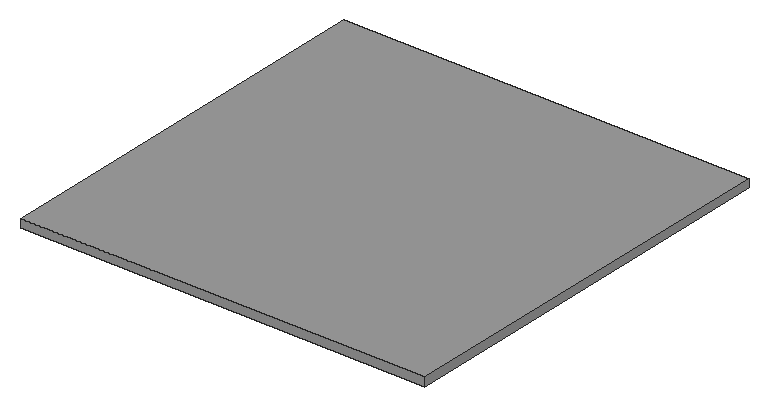
Revit family "BK-BK Inverted Roof 85mm Family", category Generic Models, host Floor, Revit 2017
Family settings
  Host = Floor
  Can host rebar = No
  Round Connector Dimension = Use Diameter
  Part Type = Normal
  Always vertical = Yes
  Cut with Voids When Loaded = No
  Shared = No
  Room Calculation Point = No
Parameters (values of type "Lambdaboard")
  Width = 4000 mm
  URL = "www.rigifoam.com"
  Type Comments = "duncan@rigifoam.com"
  Thermal Resistance = 3.5400 (m²·K)/W
  Thermal Conductivity = 0.0240 W/(m·K)
  Model = "BK/BK Inverted Roof 85mm"
  Material = Polyisocyanurate
  Manufacturer = "Lambdaboard"
  Length = 4000 mm
  Slab Thickness = 300 mm
  Description = "Flexible PIR Insulation"
  Depth = 85 mm
  Density = 40.0000 kg/m³
Reference planes
  plane 1 "Center (Front/Back)": y = 0
  plane 2: z = 0
  plane 3 "Center (Left/Right)": x = 0
Forms (mm)
  Extrusion 1, solid, material "Polyisocyanurate" <- "Material"
    sketch origin (0, 0, 0) x (1, 0, 0) y (0, 1, 0)
      loop
        line (-2000, 2000) -> (-2000, -2000) -> (2000, -2000) -> (2000, 2000) -> (-2000, 2000)
    from -300 to -385
Dimensions and locks
  "Depth": Extrusion 1 to Extrusion 1
  "Length": Extrusion 1 to Extrusion 1
  "Width": Extrusion 1 to Extrusion 1
  "Slab Thickness": plane 2 to Extrusion 1
  aligned and locked: level to plane 2
Automatic sketch dimensions
  Extrusion 1 sketch curve to plane 3 "Center (Left/Right)" = 2000 mm
  plane 3 "Center (Left/Right)" to Extrusion 1 sketch curve = 2000 mm
  plane 1 "Center (Front/Back)" to Extrusion 1 sketch curve = 2000 mm
  Extrusion 1 sketch curve to plane 1 "Center (Front/Back)" = 2000 mm
